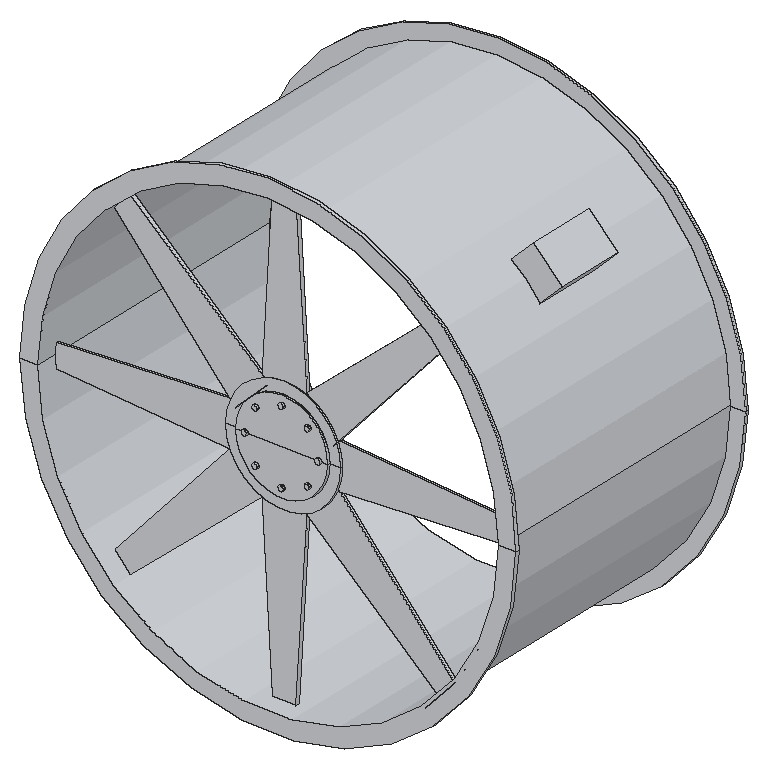
Revit family "CADS_Vent-Axia_MechEquip_Fan_LCA_900_3Ph4P - EXTRACT", category Mechanical Equipment, Revit 2020
Family settings
  Round Connector Dimension = Use Diameter
  Part Type = Normal
  OmniClass Number = 23.75.00.00
  OmniClass Title = Climate Control (HVAC)
  Work Plane-Based = No
  Always vertical = Yes
  Cut with Voids When Loaded = No
  Shared = No
  Room Calculation Point = No
Parameters (values of type "LCA903410")
  nr = NominalDiameter / 2  # 450 mm
  WorkingPressure = 0.0 Pa
  WarrantyStartDate [instance] = "1900-12-31T23:59:59"
  WarrantyPeriod = ""
  WarrantyIdentifier = "N/A"
  WarrantyGuarantorParts = "tech@vent-axia.com"
  WarrantyGuarantorLabor = "tech@vent-axia.com"
  WarrantyGuarantor = "Vent-Axia Limited"
  WarrantyEndDate [instance] = "1900-12-31T23:59:59"
  WarrantyContent = ""
  TemperatureRange = ""
  TagNumber [instance] = "N/A"
  SustainabilityPerformance = ""
  Status = "New"
  Size = ""
  Shape = ""
  ServiceLifeType = ""
  ServiceLifeDuration = ""
  SerialNumber [instance] = "N/A"
  ReplacementCost = ""
  RatedVoltage = 0 V
  RatedCurrent = 0 A
  Quantity = 1
  ProductionYear = ""
  PressureCurve = ""
  PowerFactor = ""
  PointOfContact = ""
  NumberOfPoles = 0
  NominalWidth = 900 mm
  NominalLength = 565 mm
  NominalHeight = 900 mm
  NominalFrequencyRange = ""
  NominalDiameter = 900 mm
  ModelReference = "LCAX 900mm 3PH 4P 10DEG"
  ModelNumber = "LCA903410"
  Material = ""
  ManufacturerE-Mail = "tech@vent-axia.com"
  ManufacturerAddress = "Fleming Way\nCrawley \nRH10 9YX"
  IsExtendedWarranty = no
  InsulationStandardClass = ""
  InstallationDate [instance] = "1900-12-31T23:59:59"
  IfcExportType [instance] = ""
  IfcExportAs = "IfcFanType"
  IP_Code = ""
  HasProtectiveEarth = no
  GrossWeight = 0.00 kg
  Grade = ""
  GlobalTradeItemNumber [instance] = "N/A"
  Fitting Type = "Ignore"
  Finish = ""
  Features = ""
  ExteriorInsulation = no
  ExpectedServiceLife = 0
  Exclusions = ""
  DurationUnit = "Year"
  Default Elevation = 0 mm
  Constituents = ""
  ConductorFunction = ""
  Color = ""
  CodePerformance = ""
  Category = ""
  CADS_Usage = 0
  CADS_Index = 0
  AssetType = "FIXED"
  AssetIdentifier [instance] = "N/A"
  AssemblyPlace = "UNKNOWN"
  ArticleNumber [instance] = "N/A"
  AirflowRateRange = 0.0 L/s
  Air Flow [instance] = 0.0 L/s
  AccessibilityPerformance = ""
Types (16, lengths in mm): name | NominalLength | ModelReference | ModelNumber
  LCA903410 | 565 | "LCAX 900mm 3PH 4P 10DEG" | "LCA903410"
  LCA903412 | 565 | "LCAX 900mm 3PH 4P 12DEG" | "LCA903412"
  LCA903414 | 565 | "LCAX 900mm 3PH 4P 14DEG" | "LCA903414"
  LCA903416 | 565 | "LCAX 900mm 3PH 4P 16DEG" | "LCA903416"
  LCA903418 | 565 | "LCAX 900mm 3PH 4P 18DEG" | "LCA903418"
  LCA903420 | 565 | "LCAX 900mm 3PH 4P 20DEG" | "LCA903420"
  LCA903422 | 565 | "LCAX 900mm 3PH 4P 22DEG" | "LCA903422"
  LCA903424 | 565 | "LCAX 900mm 3PH 4P 24DEG" | "LCA903424"
  LCA903426 | 565 | "LCAX 900mm 3PH 4P 26DEG" | "LCA903426"
  LCA903428 | 700 | "LCAX 900mm 3PH 4P 28DEG" | "LCA903428"
  LCA903430 | 700 | "LCAX 900mm 3PH 4P 30DEG" | "LCA903430"
  LCA903432 | 700 | "LCAX 900mm 3PH 4P 32DEG" | "LCA903432"
  LCA903434 | 700 | "LCAX 900mm 3PH 4P 34DEG" | "LCA903434"
  LCA903436 | 700 | "LCAX 900mm 3PH 4P 36DEG" | "LCA903436"
  LCA903438 | 700 | "LCAX 900mm 3PH 4P 38DEG" | "LCA903438"
  LCA903440 | 700 | "LCAX 900mm 3PH 4P 40DEG" | "LCA903440"
Reference planes
  plane 1 "Center (Front/Back)": y = 0
  plane 2: z = 0
  plane 3 "Center (Left/Right)": x = 0
  plane 4: x = -450
  plane 5: x = 450
  plane 6 "F": y = -282.5
  plane 7 "B": y = 282.5
  plane 8: x = -485
  plane 9: y = 277.5
  plane 10: y = -277.5
  plane 11: x = -455
  plane 12: y = -242.5
  plane 13 "top": z = 450
  plane 14: z = -450
  plane 15 "45deg": through (0, -1524, 0) normal (-0.7071, 0, -0.7071)
  plane 16 "C": through (0, -1524, 0) normal (-0.7071, 0, 0.7071)
Forms (mm)
  Revolve 1, solid
    sketch origin (0, 0, 0) x (1, 0, 0) y (0, 1, 0)
      loop
        line (-485, -282.5) -> (-450, -282.5) -> (-450, 282.5) -> (-485, 282.5) -> (-485, 277.5) -> (-455, 277.5) -> (-455, -277.5) -> (-485, -277.5) -> (-485, -282.5)
      axis (0, 282.5) -> (0, -282.5)
    angle from 0 to 360
  Sweep 2, solid
    path origin (0, 0, 0) x (1, 0, 0) y (0, 0, 1)
      loop
        line (318.198, 318.198) -> (364.16, 364.16)
    profile origin (341.179, 0, 341.179) x (-0.707107, 0, 0.707107) y (0, -1, 0)
      loop
        line (37.5, 55) -> (-42.73, 55) -> (-42.73, -79.5) -> (37.5, -79.5) -> (37.5, 55)
Dimensions and locks
  equal spacing: plane 4, plane 3 "Center (Left/Right)", plane 5
  equal spacing: plane 7 "B", plane 1 "Center (Front/Back)", plane 6 "F"
  "NominalLength": plane 7 "B" to plane 6 "F"
  "NominalDiameter": plane 4 to plane 5
  locked: plane 11 to plane 4 at 5
  locked: plane 8 to plane 11 at 30
  locked: plane 6 "F" to plane 10 at 5
  locked: plane 7 "B" to plane 9 at 5
  locked: plane 6 "F" to plane 12 at 40
  equal spacing: plane 13 "top", level, plane 14
  "NominalDiameter": plane 13 "top" to plane 14
  "nr": Sweep 2 sketch curve to nested 13
  Sweep 2 sketch curve to Sweep 2 sketch curve = 65 mm
  aligned and locked: level to plane 2
  aligned and locked: nested 1 to plane 12
Automatic sketch dimensions
  plane 6 "F" to Revolve 1 sketch curve = 0 mm
  Revolve 1 sketch curve to plane 8 = 0 mm  (x2)
  plane 10 to Revolve 1 sketch curve = 0 mm
  Revolve 1 sketch curve to plane 11 = 0 mm
  Revolve 1 sketch curve to plane 4 = 0 mm
  Revolve 1 sketch curve to plane 3 "Center (Left/Right)" = 0 mm
  plane 1 "Center (Front/Back)" to Revolve 1 sketch curve = 0 mm
  Revolve 1 sketch curve to plane 9 = 0 mm
  Revolve 1 sketch curve to plane 7 "B" = 0 mm
  plane 6 "F" to Revolve 1 sketch curve = 115 mm
  plane 1 "Center (Front/Back)" to Sweep 2 sketch curve = 55 mm
  Sweep 2 sketch curve to profile plane = 37.5 mm
  Sweep 2 sketch curve to Sweep 2 sketch curve = 80.23 mm
  Sweep 2 sketch curve to Sweep 2 sketch curve = 134.5 mm
  Sweep 2 sketch curve to plane 16 "C" = 0 mm  (x2)
Nested families
  nested 1: "Fan for ESC" at (0, -242.5, 0), ND <- "NominalDiameter", type "Fan for ESC"
    with hub 90 mm, ND 900 mm, BoltPCD 72 mm, Bolt Count 8, B_Diam 10 mm
  nested 2: "Bolts" at (0, -251.672, -72) x (-1, 0, 0) z (0, 1, 0), type "Bolts"
    with bd 10 mm
  nested 3: "Bolts" at (-50.912, -251.672, -50.912) x (-0.7071, 0, 0.7071) z (0, 1, 0), type "Bolts"
    with bd 10 mm
  nested 4: "Bolts" at (-72, -251.672, 0) x (0, 0, 1) z (0, 1, 0), type "Bolts"
    with bd 10 mm
  nested 5: "Bolts" at (-50.912, -251.672, 50.912) x (0.7071, 0, 0.7071) z (0, 1, 0), type "Bolts"
    with bd 10 mm
  nested 6: "Bolts" at (50.912, -251.672, 50.912) x (0.7071, 0, -0.7071) z (0, 1, 0), type "Bolts"
    with bd 10 mm
  nested 7: "Bolts" at (0, -251.672, 72) x (1, 0, 0) z (0, 1, 0), type "Bolts"
    with bd 10 mm
  nested 8: "ESC Blade" at (0, -242.5, 0), type "ESC Blade"
    with a 20.00°, HR 90 mm, HD 180 mm, BT 45 mm, BR 360 mm, BH 40 mm, BD 900 mm, BB 90 mm
  nested 9: "ESC Blade" at (0, -242.5, 0) x (0.7071, 0, -0.7071) z (0.7071, 0, 0.7071), type "ESC Blade"
    with a 20.00°, HR 90 mm, HD 180 mm, BT 45 mm, BR 360 mm, BH 40 mm, BD 900 mm, BB 90 mm
  nested 10: "ESC Blade" at (0, -242.5, 0) x (0, 0, -1) z (1, 0, 0), type "ESC Blade"
    with a 20.00°, HR 90 mm, HD 180 mm, BT 45 mm, BR 360 mm, BH 40 mm, BD 900 mm, BB 90 mm
  nested 11: "ESC Blade" at (0, -242.5, 0) x (-0.7071, 0, -0.7071) z (0.7071, 0, -0.7071), type "ESC Blade"
    with a 20.00°, HR 90 mm, HD 180 mm, BT 45 mm, BR 360 mm, BH 40 mm, BD 900 mm, BB 90 mm
  nested 12: "ESC Blade" at (0, -242.5, 0) x (-1, 0, 0) z (0, 0, -1), type "ESC Blade"
    with a 20.00°, HR 90 mm, HD 180 mm, BT 45 mm, BR 360 mm, BH 40 mm, BD 900 mm, BB 90 mm
  nested 13: "ESC Blade" at (0, -242.5, 0) x (-0.7071, 0, -0.7071) z (-0.7071, 0, 0.7071), type "ESC Blade"
    with a 20.00°, HR 90 mm, HD 180 mm, BT 45 mm, BR 360 mm, BH 40 mm, BD 900 mm, BB 90 mm
  nested 14: "ESC Blade" at (0, -242.5, 0) x (0, 0, -1) z (-1, 0, 0), type "ESC Blade"
    with a 20.00°, HR 90 mm, HD 180 mm, BT 45 mm, BR 360 mm, BH 40 mm, BD 900 mm, BB 90 mm
  nested 15: "ESC Blade" at (0, -242.5, 0) x (0.7071, 0, -0.7071) z (-0.7071, 0, -0.7071), type "ESC Blade"
    with a 20.00°, HR 90 mm, HD 180 mm, BT 45 mm, BR 360 mm, BH 40 mm, BD 900 mm, BB 90 mm
  nested 16: "Bolts" at (72, -251.672, 0) x (0, 0, -1) z (0, 1, 0), type "Bolts"
    with bd 10 mm
  nested 17: "Bolts" at (50.912, -251.672, -50.912) x (-0.7071, 0, -0.7071) z (0, 1, 0), type "Bolts"
    with bd 10 mm
Connectors
  hvac at (0, -282.5, 0), driven by "NominalDiameter", driven by "Air Flow"
    settings: on Revolve 1, index 1, duct flow 0.0 L/s, flow factor 0, pres drop 0.0 Pa, loss coef 0, conn angle 0.00°, conn width 304.8 mm, conn height 304.8 mm, conn diameter 900 mm, duct sys type 2, conn prof type 0, flow config 0, flow direction 1, loss method 0, conn ref index -1, conn util no, is conn primary yes, conn desc ""
  hvac at (0, 282.5, 0), driven by "NominalDiameter", driven by "Air Flow"
    settings: on Revolve 1, index 2, duct flow 0.0 L/s, flow factor 0, pres drop 0.0 Pa, loss coef 0, conn angle 0.00°, conn width 304.8 mm, conn height 304.8 mm, conn diameter 900 mm, duct sys type 3, conn prof type 0, flow config 1, flow direction 2, loss method 0, conn ref index -1, conn util no, is conn primary no, conn desc ""
Definition of nested family "Fan for ESC"
  Parameters (values of type "Fan for ESC")
    hub [instance] = ND / 10  # 56.7 mm
    ND [instance] = 567 mm
    Model = "."
    Default Elevation = 0 mm
    BoltPCD [instance] = hub - (hub * 0.2)  # 45.36 mm
    Bolt Count [instance] = if(hub < 50 mm, 6, 8)  # 8
    B_Diam [instance] = if(hub < 50 mm, 5 mm, 10 mm)  # 10 mm
  Reference planes
    plane 1 "Center (Front/Back)": y = 0
    plane 2: z = 0
    plane 3 "Center (Left/Right)": x = 0
    plane 4 "back": y = 20
    plane 5 "bolts": y = -9.172
    plane 6 "B": z = 56.7
    plane 7: x = -79.287
    plane 8: x = -56.7
    plane 9 "hubface": y = -6.172
  Forms (mm)
    Revolve 1, solid
      sketch origin (0, 0, 0) x (1, 0, 0) y (0, 1, 0)
        loop
          line (0, 20) -> (-56.7, 20) -> (-56.7, 10.504) -> (-79.287, 10.504) -> (-79.287, -2.597) -> (-56.7, -2.597) -> (-56.7, -6.172) -> (0, -6.172) -> (0, 20)
        axis (0, 20) -> (0, -6.172)
      angle from 0 to 360
    Extrusion 2, solid, not visible
      sketch origin (0, -6.347, -4) x (-1, 0, 0) y (0, 0, 1)
        loop
          circle (0, 84) r 5
      from 0 to 3
  Lines and regions (mm)
    symbolic lines
      curve 1: circle (0, -9.172, 0) r 45.36 normal (0, 1, 0)
    model lines, not visible
      curve 2: line (0, -6.347, 85) -> (0, -6.347, 75)
  Dimensions and locks
    "hub": plane 6 "B" to plane 2
    "hub": nested 3 to plane 3 "Center (Left/Right)"
    "hub": nested 4 to plane 3 "Center (Left/Right)"
    "hub": nested 5 to plane 3 "Center (Left/Right)"
    "hub": plane 3 "Center (Left/Right)" to nested 6
    "hub": Revolve 1 sketch curve to Revolve 1 sketch curve
    "hub": plane 3 "Center (Left/Right)" to nested 7
    "hub": plane 3 "Center (Left/Right)" to nested 8
    "hub": plane 3 "Center (Left/Right)" to nested 9
    "hub": plane 8 to plane 3 "Center (Left/Right)"
    plane 7 to plane 8 = 22.587 mm
    diameter of Extrusion 2 sketch curve = 10 mm
    "BoltPCD": radius of curve 1
    "BoltPCD": radius of radial array
    aligned and locked: level to plane 2
    aligned and locked: plane 6 "B" to nested 1
  Automatic sketch dimensions
    Revolve 1 sketch curve to plane 7 = 0 mm
    Revolve 1 sketch curve to plane 8 = 0 mm  (x2)
    Revolve 1 sketch curve to plane 3 "Center (Left/Right)" = 0 mm
    Revolve 1 sketch curve to plane 9 "hubface" = 0 mm
    plane 4 "back" to Revolve 1 sketch curve = 0 mm
    plane 1 "Center (Front/Back)" to Revolve 1 sketch curve = 2.597 mm
    plane 4 "back" to Revolve 1 sketch curve = 9.496 mm
    Revolve 1 sketch curve to Revolve 1 sketch curve = 5 mm
    Revolve 1 sketch curve to plane 4 "back" = 45 mm
    curve 1 to level = 0 mm
    curve 1 to plane 3 "Center (Left/Right)" = 0 mm
  Nested families
    nested 1: "ESC Blade" at (0, 0, 0), BD <- "ND", HD <- "hub", type "ESC Blade"
      with a 20.00°, HR 56.7 mm, HD 113.4 mm, BT 28.35 mm, BR 226.8 mm, BH 40 mm, BD 567 mm, BB 56.7 mm
    nested 2: "ESC Blade" at (0, 0, 755), BD <- "ND", HD <- "hub", type "ESC Blade", not visible
      with a 20.00°, HR 56.7 mm, HD 113.4 mm, BT 28.35 mm, BR 226.8 mm, BH 40 mm, BD 567 mm, BB 56.7 mm
    nested 3: "ESC Blade" at (0, 0, 0) x (0.7071, 0, -0.7071) z (0.7071, 0, 0.7071), BD <- "ND", HD <- "hub", type "ESC Blade"
      with a 20.00°, HR 56.7 mm, HD 113.4 mm, BT 28.35 mm, BR 226.8 mm, BH 40 mm, BD 567 mm, BB 56.7 mm
    nested 4: "ESC Blade" at (0, 0, 0) x (0, 0, -1) z (1, 0, 0), BD <- "ND", HD <- "hub", type "ESC Blade"
      with a 20.00°, HR 56.7 mm, HD 113.4 mm, BT 28.35 mm, BR 226.8 mm, BH 40 mm, BD 567 mm, BB 56.7 mm
    nested 5: "ESC Blade" at (0, 0, 0) x (-0.7071, 0, -0.7071) z (0.7071, 0, -0.7071), BD <- "ND", HD <- "hub", type "ESC Blade"
      with a 20.00°, HR 56.7 mm, HD 113.4 mm, BT 28.35 mm, BR 226.8 mm, BH 40 mm, BD 567 mm, BB 56.7 mm
    nested 6: "ESC Blade" at (0, 0, 0) x (-1, 0, 0) z (0, 0, -1), BD <- "ND", HD <- "hub", type "ESC Blade"
      with a 20.00°, HR 56.7 mm, HD 113.4 mm, BT 28.35 mm, BR 226.8 mm, BH 40 mm, BD 567 mm, BB 56.7 mm
    nested 7: "ESC Blade" at (0, 0, 0) x (-0.7071, 0, -0.7071) z (-0.7071, 0, 0.7071), BD <- "ND", HD <- "hub", type "ESC Blade"
      with a 20.00°, HR 56.7 mm, HD 113.4 mm, BT 28.35 mm, BR 226.8 mm, BH 40 mm, BD 567 mm, BB 56.7 mm
    nested 8: "ESC Blade" at (0, 0, 0) x (0, 0, -1) z (-1, 0, 0), BD <- "ND", HD <- "hub", type "ESC Blade"
      with a 20.00°, HR 56.7 mm, HD 113.4 mm, BT 28.35 mm, BR 226.8 mm, BH 40 mm, BD 567 mm, BB 56.7 mm
    nested 9: "ESC Blade" at (0, 0, 0) x (0.7071, 0, -0.7071) z (-0.7071, 0, -0.7071), BD <- "ND", HD <- "hub", type "ESC Blade"
      with a 20.00°, HR 56.7 mm, HD 113.4 mm, BT 28.35 mm, BR 226.8 mm, BH 40 mm, BD 567 mm, BB 56.7 mm
    nested 10: "Bolts" at (0, -9.172, 45.36) x (1, 0, 0) z (0, 1, 0), bd <- "B_Diam", type "Bolts"
      with bd 10 mm
    nested 11: "Bolts" at (32.074, -9.172, 32.074) x (0.7071, 0, -0.7071) z (0, 1, 0), bd <- "B_Diam", type "Bolts"
      with bd 10 mm
    nested 12: "Bolts" at (-32.074, -9.172, 32.074) x (0.7071, 0, 0.7071) z (0, 1, 0), bd <- "B_Diam", type "Bolts"
      with bd 10 mm
    nested 13: "Bolts" at (-45.36, -9.172, 0) x (0, 0, 1) z (0, 1, 0), bd <- "B_Diam", type "Bolts"
      with bd 10 mm
    nested 14: "Bolts" at (-32.074, -9.172, -32.074) x (-0.7071, 0, 0.7071) z (0, 1, 0), bd <- "B_Diam", type "Bolts"
      with bd 10 mm
    nested 15: "Bolts" at (0, -9.172, -45.36) x (-1, 0, 0) z (0, 1, 0), bd <- "B_Diam", type "Bolts"
      with bd 10 mm
    nested 16: "Bolts" at (32.074, -9.172, -32.074) x (-0.7071, 0, -0.7071) z (0, 1, 0), bd <- "B_Diam", type "Bolts"
      with bd 10 mm
    nested 17: "Bolts" at (45.36, -9.172, 0) x (0, 0, -1) z (0, 1, 0), bd <- "B_Diam", type "Bolts"
      with bd 10 mm
  Definition of nested family "ESC Blade"
    Parameters (values of type "ESC Blade")
      a [instance] = 20.00°
      HR [instance] = HD / 2  # 30 mm
      HD [instance] = BD / 5  # 60 mm
      Default Elevation = 1219.2 mm
      BT [instance] = BD / 20  # 15 mm
      BR [instance] = (BD / 2) - HR  # 120 mm
      BH [instance] = 40 mm
      BD [instance] = 300 mm
      BB [instance] = BD / 10  # 30 mm
    Reference planes
      plane 1 "Center (Front/Back)": y = 0
      plane 2: z = 0
      plane 3 "Center (Left/Right)": x = 0
      plane 4 "Blade Bot": z = 30
      plane 5: x = -15
      plane 6: x = 15
      plane 7: x = -7.5
      plane 8: x = 7.5
    Forms (mm)
      Blend 1, solid
        base sketch origin (0, 0, 30) x (-1, 0, 0) y (0, -1, 0)
          loop
            line (15, 0) -> (-15, 0) -> (-15, -6) -> (15, -6) -> (15, 0)
        top sketch origin (0, 0, 30) x (-1, 0, 0) y (0, -1, 0)
          loop
            line (7.5, -6) -> (7.5, 0) -> (-7.5, 0) -> (-7.5, -6) -> (7.5, -6)
        from 0 to 120 <- "BR"
    Dimensions and locks
      "HR": plane 4 "Blade Bot" to level
      equal spacing: plane 8, plane 3 "Center (Left/Right)", plane 7
      "BT": plane 8 to plane 7
      equal spacing: plane 6, plane 3 "Center (Left/Right)", plane 5
      "BB": plane 6 to plane 5
      aligned and locked: level to plane 2
    Automatic sketch dimensions
      plane 1 "Center (Front/Back)" to Blend 1 sketch curve = 0 mm  (x2)
      Blend 1 sketch curve to plane 6 = 0 mm
      Blend 1 sketch curve to plane 5 = 0 mm
      Blend 1 sketch curve to plane 1 "Center (Front/Back)" = 6 mm  (x2)
      Blend 1 sketch curve to plane 8 = 0 mm
      Blend 1 sketch curve to plane 7 = 0 mm
  Definition of nested family "Bolts"
    Parameters
      bd [instance] = 10 mm
      Default Elevation = 1219.2 mm
    Reference planes
      plane 1 "Center (Front/Back)": y = 0
      plane 2: z = 0
      plane 3 "Center (Left/Right)": x = 0
    Forms (mm)
      Extrusion 1, solid
        sketch origin (0, 0, 0) x (1, 0, 0) y (0, 1, 0)
          loop
            line (-1219.2, 1219.2) -> (-1219.2, -1219.2) -> (1219.2, -1219.2) -> (1219.2, 1219.2) -> (-1219.2, 1219.2)
        from 0 to -304.8
      Extrusion 2, solid
        sketch origin (0, 0, 0) x (1, 0, 0) y (0, 1, 0)
          loop
            circle (0, 0) r 5
        from 0 to 3
    Dimensions and locks
      "bd": diameter of Extrusion 2 sketch curve
      aligned and locked: plane 2 to Extrusion 1
      aligned and locked: level to Extrusion 1
    Automatic sketch dimensions
      Extrusion 1 sketch curve to Extrusion 1 sketch curve = 2438.4 mm  (x2)
      plane 1 "Center (Front/Back)" to Extrusion 2 sketch curve = 0 mm
      Extrusion 2 sketch curve to plane 3 "Center (Left/Right)" = 0 mm
Definition of nested family "Bolts"
  Parameters
    bd [instance] = 10 mm
    Default Elevation = 1219.2 mm
  Reference planes
    plane 1 "Center (Front/Back)": y = 0
    plane 2: z = 0
    plane 3 "Center (Left/Right)": x = 0
  Forms (mm)
    Extrusion 1, solid
      sketch origin (0, 0, 0) x (1, 0, 0) y (0, 1, 0)
        loop
          line (-1219.2, 1219.2) -> (-1219.2, -1219.2) -> (1219.2, -1219.2) -> (1219.2, 1219.2) -> (-1219.2, 1219.2)
      from 0 to -304.8
    Extrusion 2, solid
      sketch origin (0, 0, 0) x (1, 0, 0) y (0, 1, 0)
        loop
          circle (0, 0) r 5
      from 0 to 3
  Dimensions and locks
    "bd": diameter of Extrusion 2 sketch curve
    aligned and locked: plane 2 to Extrusion 1
    aligned and locked: level to Extrusion 1
  Automatic sketch dimensions
    Extrusion 1 sketch curve to Extrusion 1 sketch curve = 2438.4 mm  (x2)
    plane 1 "Center (Front/Back)" to Extrusion 2 sketch curve = 0 mm
    Extrusion 2 sketch curve to plane 3 "Center (Left/Right)" = 0 mm
Definition of nested family "ESC Blade"
  Parameters (values of type "ESC Blade")
    a [instance] = 20.00°
    HR [instance] = HD / 2  # 30 mm
    HD [instance] = BD / 5  # 60 mm
    Default Elevation = 1219.2 mm
    BT [instance] = BD / 20  # 15 mm
    BR [instance] = (BD / 2) - HR  # 120 mm
    BH [instance] = 40 mm
    BD [instance] = 300 mm
    BB [instance] = BD / 10  # 30 mm
  Reference planes
    plane 1 "Center (Front/Back)": y = 0
    plane 2: z = 0
    plane 3 "Center (Left/Right)": x = 0
    plane 4 "Blade Bot": z = 30
    plane 5: x = -15
    plane 6: x = 15
    plane 7: x = -7.5
    plane 8: x = 7.5
  Forms (mm)
    Blend 1, solid
      base sketch origin (0, 0, 30) x (-1, 0, 0) y (0, -1, 0)
        loop
          line (15, 0) -> (-15, 0) -> (-15, -6) -> (15, -6) -> (15, 0)
      top sketch origin (0, 0, 30) x (-1, 0, 0) y (0, -1, 0)
        loop
          line (7.5, -6) -> (7.5, 0) -> (-7.5, 0) -> (-7.5, -6) -> (7.5, -6)
      from 0 to 120 <- "BR"
  Dimensions and locks
    "HR": plane 4 "Blade Bot" to level
    equal spacing: plane 8, plane 3 "Center (Left/Right)", plane 7
    "BT": plane 8 to plane 7
    equal spacing: plane 6, plane 3 "Center (Left/Right)", plane 5
    "BB": plane 6 to plane 5
    aligned and locked: level to plane 2
  Automatic sketch dimensions
    plane 1 "Center (Front/Back)" to Blend 1 sketch curve = 0 mm  (x2)
    Blend 1 sketch curve to plane 6 = 0 mm
    Blend 1 sketch curve to plane 5 = 0 mm
    Blend 1 sketch curve to plane 1 "Center (Front/Back)" = 6 mm  (x2)
    Blend 1 sketch curve to plane 8 = 0 mm
    Blend 1 sketch curve to plane 7 = 0 mm
